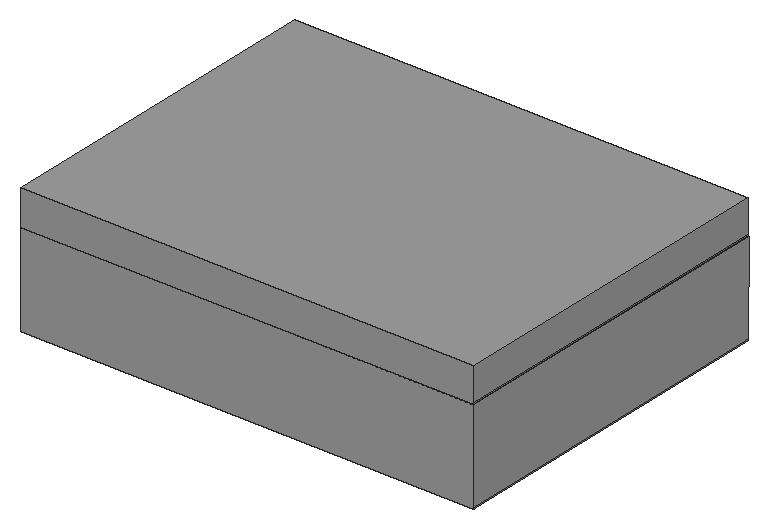
Revit family "Maxlogic Firefighter's portable telephone station for 4 units (excluding phones)", category Fire Alarm Devices, host Face, Revit 2022
Family settings
  Host = Face
  Round Connector Dimension = Use Diameter
  Part Type = Normal
  OmniClass Number = 23.85.30.21
  OmniClass Title = Environmental Detection/Registration
  Cut with Voids When Loaded = No
  Maintain Annotation Orientation = Yes
  Shared = No
  Room Calculation Point = No
Parameters (values of type "Maxlogic Firefighter's portable telephone station for 4 units (excluding phones)")
  Weight = ""
  Weatherproof surface mounting back box = ""
  Warranty Duration Unit = "Year"
  Warranty Duration Parts = "2"
  Warranty Duration Labor = "2"
  Version = ""
  URL = "https://www.mavili.com.tr/en"
  Recessed mounting base = ""
  Public Works Pose Number = ""
  Protection Sign = ""
  Product Code = "ML-5014"
  Phone Number = "(+)90 216 466 45 05"
  Operatonal Voltage (default) = ""
  Operating voltage range = ""
  Operating temperature = "(-10°C) - (+55°C)"
  Nominal Depth = "111 mm"
  Nominal Width = "400 mm"
  Nominal Height = "300 mm"
  Mounting surface = "Wall mounting"
  Mounting height = ""
  Model = "Maxlogic"
  Manufacturer = "Mavili Elektronik Ticaret A.Ş."
  Installation Manual = "https://mavilielektronik.com/Revit/ML501X_kk.pdf"
  Indicator output = ""
  Firefighter's portable telephone = "ML-5013"
  Fax Number = "(+)90 216 466 45 10"
  External supply = ""
  Email = "mavili@mavili.com.tr"
  Disclaimer = ""
  Device Adress Setup = ""
  Description = "Firefighter's portable telephone station for 4 units (excluding phones)"
  Default Elevation = 0 mm
  Current consumption = ""
  Cost unıt = ""
  Cost = 0
  Compatible sockets = ""
  Color = "Red"
  Code Performance = ""
  Main Material = "Metal Red"
  Secondary Material = "Metal Grey"
  Battery = ""
  Address line 1 = "Şerifali Mahallesi Kutup Sokak No:27/1-2-4 Ümraniye TR-34775 İSTANBUL"
Reference planes
  plane 1 "Center (Front/Back)": y = 0
  plane 2: z = 0
  plane 3 "Center (Left/Right)": x = 0
Forms (mm)
  Extrusion 1, solid, material "Kırmızı"
    sketch origin (-210, -150, 148.173) x (1, 0, 0) y (0, 0, -1)
      loop
        line (42.905, 67.3) -> (434.905, 67.3) -> (434.905, 146.904)
        arc (434.905, 146.904) -> (434.545, 147.715) -> (433.785, 148.173) r 1.476
        line (433.785, 148.173) -> (44.505, 148.173)
        arc (44.505, 148.173) -> (43.374, 147.704) -> (42.905, 146.573) r 1.6
        line (42.905, 146.573) -> (42.905, 67.3)
    from 0 to 300
  Extrusion 2, void
    sketch origin (-167.095, -150, 70.872) x (0, 0, 1) y (0, -1, 0)
      loop
        arc (-69.27, -296) -> (-70.403, -295.532) -> (-70.872, -294.4) r 1.6
        line (-70.872, -294.4) -> (-70.872, -300) -> (10, -300) -> (10, -296) -> (-69.27, -296)
    from 0 to 392
  Extrusion 3, void
    sketch origin (-167.095, 146, 25.472) x (0, 0, -1) y (1, 0, 0)
      loop
        line (-13.523, 66.9) -> (-13.523, 68.054)
        arc (-13.523, 68.054) -> (-15, 68.144) -> (-16.477, 68.054) r 12.144
        line (-16.477, 68.054) -> (-16.477, 66.9)
        arc (-16.477, 66.9) -> (-26, 56.025) -> (-16.527, 45.106) r 11
        line (-16.527, 45.106) -> (-16.527, 43.952)
        arc (-16.527, 43.952) -> (-15, 43.856) -> (-13.473, 43.952) r 12.144
        line (-13.473, 43.952) -> (-13.473, 45.106)
        arc (-13.473, 45.106) -> (-4, 56.025) -> (-13.523, 66.9) r 11
    from 0 to 1
  Extrusion 4, void
    sketch origin (-127.095, 146, 25.472) x (0, 0, -1) y (1, 0, 0)
      loop
        line (-13.523, 66.9) -> (-13.523, 68.054)
        arc (-13.523, 68.054) -> (-15, 68.144) -> (-16.477, 68.054) r 12.144
        line (-16.477, 68.054) -> (-16.477, 66.9)
        arc (-16.477, 66.9) -> (-26, 56.025) -> (-16.527, 45.106) r 11
        line (-16.527, 45.106) -> (-16.527, 43.952)
        arc (-16.527, 43.952) -> (-15, 43.856) -> (-13.473, 43.952) r 12.144
        line (-13.473, 43.952) -> (-13.473, 45.106)
        arc (-13.473, 45.106) -> (-4, 56.025) -> (-13.523, 66.9) r 11
    from 0 to 1
  Extrusion 5, void
    sketch origin (-87.095, 146, 25.472) x (0, 0, -1) y (1, 0, 0)
      loop
        line (-13.523, 66.9) -> (-13.523, 68.054)
        arc (-13.523, 68.054) -> (-15, 68.144) -> (-16.477, 68.054) r 12.144
        line (-16.477, 68.054) -> (-16.477, 66.9)
        arc (-16.477, 66.9) -> (-26, 56.025) -> (-16.527, 45.106) r 11
        line (-16.527, 45.106) -> (-16.527, 43.952)
        arc (-16.527, 43.952) -> (-15, 43.856) -> (-13.473, 43.952) r 12.144
        line (-13.473, 43.952) -> (-13.473, 45.106)
        arc (-13.473, 45.106) -> (-4, 56.025) -> (-13.523, 66.9) r 11
    from 0 to 1
  Extrusion 6, void
    sketch origin (-47.095, 146, 25.472) x (0, 0, -1) y (1, 0, 0)
      loop
        line (-13.523, 66.9) -> (-13.523, 68.054)
        arc (-13.523, 68.054) -> (-15, 68.144) -> (-16.477, 68.054) r 12.144
        line (-16.477, 68.054) -> (-16.477, 66.9)
        arc (-16.477, 66.9) -> (-26, 56.025) -> (-16.527, 45.106) r 11
        line (-16.527, 45.106) -> (-16.527, 43.952)
        arc (-16.527, 43.952) -> (-15, 43.856) -> (-13.473, 43.952) r 12.144
        line (-13.473, 43.952) -> (-13.473, 45.106)
        arc (-13.473, 45.106) -> (-4, 56.025) -> (-13.523, 66.9) r 11
    from 0 to 1
  Extrusion 7, void
    sketch origin (-7.095, 146, 25.472) x (0, 0, -1) y (1, 0, 0)
      loop
        line (-13.523, 66.9) -> (-13.523, 68.054)
        arc (-13.523, 68.054) -> (-15, 68.144) -> (-16.477, 68.054) r 12.144
        line (-16.477, 68.054) -> (-16.477, 66.9)
        arc (-16.477, 66.9) -> (-26, 56.025) -> (-16.527, 45.106) r 11
        line (-16.527, 45.106) -> (-16.527, 43.952)
        arc (-16.527, 43.952) -> (-15, 43.856) -> (-13.473, 43.952) r 12.144
        line (-13.473, 43.952) -> (-13.473, 45.106)
        arc (-13.473, 45.106) -> (-4, 56.025) -> (-13.523, 66.9) r 11
    from 0 to 1
  Extrusion 8, void
    sketch origin (32.905, 146, 25.472) x (0, 0, -1) y (1, 0, 0)
      loop
        line (-13.523, 66.9) -> (-13.523, 68.054)
        arc (-13.523, 68.054) -> (-15, 68.144) -> (-16.477, 68.054) r 12.144
        line (-16.477, 68.054) -> (-16.477, 66.9)
        arc (-16.477, 66.9) -> (-26, 56.025) -> (-16.527, 45.106) r 11
        line (-16.527, 45.106) -> (-16.527, 43.952)
        arc (-16.527, 43.952) -> (-15, 43.856) -> (-13.473, 43.952) r 12.144
        line (-13.473, 43.952) -> (-13.473, 45.106)
        arc (-13.473, 45.106) -> (-4, 56.025) -> (-13.523, 66.9) r 11
    from 0 to 1
  Extrusion 9, void
    sketch origin (72.905, 146, 25.472) x (0, 0, -1) y (1, 0, 0)
      loop
        line (-13.523, 66.9) -> (-13.523, 68.054)
        arc (-13.523, 68.054) -> (-15, 68.144) -> (-16.477, 68.054) r 12.144
        line (-16.477, 68.054) -> (-16.477, 66.9)
        arc (-16.477, 66.9) -> (-26, 56.025) -> (-16.527, 45.106) r 11
        line (-16.527, 45.106) -> (-16.527, 43.952)
        arc (-16.527, 43.952) -> (-15, 43.856) -> (-13.473, 43.952) r 12.144
        line (-13.473, 43.952) -> (-13.473, 45.106)
        arc (-13.473, 45.106) -> (-4, 56.025) -> (-13.523, 66.9) r 11
    from 0 to 1
  Extrusion 10, void
    sketch origin (112.905, 146, 25.472) x (0, 0, -1) y (1, 0, 0)
      loop
        line (-13.523, 66.9) -> (-13.523, 68.054)
        arc (-13.523, 68.054) -> (-15, 68.144) -> (-16.477, 68.054) r 12.144
        line (-16.477, 68.054) -> (-16.477, 66.9)
        arc (-16.477, 66.9) -> (-26, 56.025) -> (-16.527, 45.106) r 11
        line (-16.527, 45.106) -> (-16.527, 43.952)
        arc (-16.527, 43.952) -> (-15, 43.856) -> (-13.473, 43.952) r 12.144
        line (-13.473, 43.952) -> (-13.473, 45.106)
        arc (-13.473, 45.106) -> (-4, 56.025) -> (-13.523, 66.9) r 11
    from 0 to 1
  Extrusion 11, solid, material "Kırmızı"
    sketch origin (-210, -150, 229.045) x (1, 0, 0) y (0, 0, -1)
      loop
        line (42.905, 118.173) -> (434.905, 118.173) -> (434.905, 146.904)
        arc (434.905, 146.904) -> (434.545, 147.715) -> (433.785, 148.173) r 1.476
        line (433.785, 148.173) -> (44.505, 148.173)
        arc (44.505, 148.173) -> (43.374, 147.704) -> (42.905, 146.573) r 1.6
        line (42.905, 146.573) -> (42.905, 118.173)
    from 0 to 296
Cuts and joins
  Extrusion 2, Extrusion 3, Extrusion 4, Extrusion 5, Extrusion 6, Extrusion 7, Extrusion 8, Extrusion 9, Extrusion 10 cuts Extrusion 1
Lines and regions (mm)
  model lines
    curve 1: line (-104.518, 98.365, 110.872) -> (-97.048, 45.21, 110.872)
    curve 2: arc (-97.048, 45.21, 110.872) -> (-96.326, 43.934, 110.872) -> (-94.927, 43.493, 110.872) r 2
    curve 3: line (-94.927, 43.493, 110.872) -> (-80.721, 44.237, 110.872)
    curve 4: line (-80.721, 44.237, 110.872) -> (-79.956, 45.118, 110.872)
    curve 5: line (-79.956, 45.118, 110.872) -> (-88.109, 103.755, 110.872)
    curve 6: line (-88.109, 103.755, 110.872) -> (-89.21, 104.444, 110.872)
    curve 7: line (-89.21, 104.444, 110.872) -> (-103.015, 101.257, 110.872)
    curve 8: arc (-87.353, 104.848, 110.872) -> (-70.145, 100.427, 110.872) -> (-55.715, 90.062, 110.872) r 48.106
    curve 9: arc (-55.715, 90.062, 110.872) -> (-54.068, 88.571, 110.872) -> (-52.223, 87.334, 110.872) r 15.288
    curve 10: arc (-52.223, 87.334, 110.872) -> (-51.32, 86.148, 110.872) -> (-50.697, 84.795, 110.872) r 6.789
    curve 11: arc (-50.697, 84.795, 110.872) -> (-39.593, 46.395, 110.872) -> (-34.971, 6.69, 110.872) r 241.633
    curve 12: arc (-34.971, 6.69, 110.872) -> (-36.259, -26.658, 110.872) -> (-42.298, -59.48, 110.872) r 233.014
    curve 13: arc (-42.298, -59.48, 110.872) -> (-44.678, -67.996, 110.872) -> (-47.38, -76.415, 110.872) r 233.014
    curve 14: arc (-47.38, -76.415, 110.872) -> (-49.036, -81.167, 110.872) -> (-50.745, -85.9, 110.872) r 440.05
    curve 15: arc (-50.745, -85.9, 110.872) -> (-51.367, -87.259, 110.872) -> (-52.19, -88.506, 110.872) r 9.729
    curve 16: arc (-52.19, -88.506, 110.872) -> (-57.28, -92.218, 110.872) -> (-62.113, -96.259, 110.872) r 95.329
    curve 17: arc (-62.113, -96.259, 110.872) -> (-69.848, -100.62, 110.872) -> (-77.922, -104.314, 110.872) r 105.417
    curve 18: arc (-77.922, -104.314, 110.872) -> (-82.663, -105.227, 110.872) -> (-87.455, -105.824, 110.872) r 72.671
    curve 19: line (-87.455, -105.824, 110.872) -> (-78.999, -45.66, 110.872)
    curve 20: arc (-78.999, -45.66, 110.872) -> (-75.51, -45.786, 110.872) -> (-72.322, -44.362, 110.872) r 7.722
    curve 21: arc (-62.457, -36.087, 110.872) -> (-58.56, -31.058, 110.872) -> (-57.095, -24.867, 110.872) r 15.014
    curve 22: arc (-57.095, 20.133, 110.872) -> (-58.184, 26.204, 110.872) -> (-61.618, 31.328, 110.872) r 15.047
    curve 23: arc (-61.618, 31.328, 110.872) -> (-67.633, 37.275, 110.872) -> (-73.58, 43.29, 110.872) r 742.949
    curve 24: arc (-73.58, 43.29, 110.872) -> (-76.097, 44.646, 110.872) -> (-78.938, 44.331, 110.872) r 4.8
    curve 25: arc (-104.518, 98.365, 110.872) -> (-104.13, 100.19, 110.872) -> (-102.66, 101.339, 110.872) r 2.728
    curve 26: line (-87.353, 104.848, 110.872) -> (-78.938, 44.331, 110.872)
    curve 27: line (-57.095, 20.133, 110.872) -> (-57.095, -24.867, 110.872)
    curve 28: arc (-72.322, -44.362, 110.872) -> (-67.286, -40.348, 110.872) -> (-62.457, -36.087, 110.872) r 129.022
    curve 29: line (-97.048, -46.334, 110.872) -> (-104.61, -100.14, 110.872)
    curve 30: arc (-104.61, -100.14, 110.872) -> (-104.267, -101.566, 110.872) -> (-103.045, -102.375, 110.872) r 2
    curve 31: arc (-103.045, -102.375, 110.872) -> (-96.081, -103.919, 110.872) -> (-89.146, -105.584, 110.872) r 408.665
    curve 32: arc (-89.146, -105.584, 110.872) -> (-88.616, -105.194, 110.872) -> (-88.095, -104.792, 110.872) r 27.812
    curve 33: arc (-94.956, -44.609, 110.872) -> (-96.337, -45.065, 110.872) -> (-97.048, -46.334, 110.872) r 2.007
    curve 34: line (-88.095, -104.792, 110.872) -> (-79.889, -46.404, 110.872)
    curve 35: arc (-80.758, -45.35, 110.872) -> (-80.092, -45.686, 110.872) -> (-79.889, -46.404, 110.872) r 0.926
    curve 36: line (-94.956, -44.609, 110.872) -> (-80.758, -45.35, 110.872)
    curve 37: line (179.285, 8, 110.872) -> (179.285, -62, 110.872)
    curve 38: line (179.285, -62, 110.872) -> (209.285, -62, 110.872)
    curve 39: line (209.285, 8, 110.872) -> (209.285, -62, 110.872)
    curve 40: line (179.285, 8, 110.872) -> (209.285, 8, 110.872)
Dimensions and locks
  aligned and locked: plane 2 to host face
  aligned and locked: level to host face
  aligned and locked: Extrusion 1 to Extrusion 2
